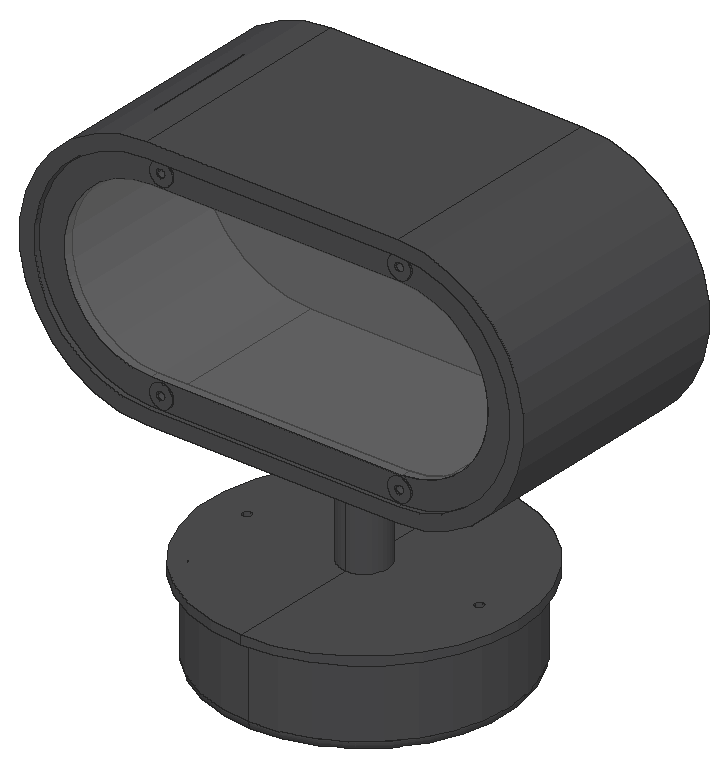
Revit family "Lighting_Wall-Mounted_Zero_Pathfinder", category Lighting Fixtures, host Face, Revit 2020
Family settings
  Host = Face
  Round Connector Dimension = Use Diameter
  Part Type = Normal
  OmniClass Number = 23.80.70.00
  OmniClass Title = Lighting
  Cut with Voids When Loaded = No
  Light Source = Yes
  Shared = No
  Room Calculation Point = No
Parameters (values of type "Pathfinder Wall - Black")
  Youtube clip = ""
  Weight Net (Kg) = "0"
  Wattage = 6.70518 W
  WarrantyStartDate [instance] = "n/a"
  WarrantyGuarantorParts = "n/a"
  WarrantyGuarantorLabor = "n/a"
  WarrantyDurationUnit = "Year"
  WarrantyDurationParts = "n/a"
  WarrantyDurationLabor = "n/a"
  WarrantyDescription = "n/a"
  built-in parameter 1150110 = 1 (stored number, unit not read)
  VersionDate = "31/08/2023"  # constant formula
  Version = "3"  # constant formula
  UsageCurrent = 0 A
  Uniformat II Description = ""
  Uniformat II Code = ""
  Uniclass2015Reference = "Pr_70_70_48_85"
  Uniclass2015Description = "Surface luminaires"
  Uniclass2 = "Pr_70_70_49"
  Uniclass 2015 Name = ""
  Uniclass 2015 Code = ""
  Uniclass 2.0 Description = ""
  Uniclass 2.0 Code = ""
  Uniclass 1.4 Description = ""
  Uniclass 1.4 Code = ""
  URL = "https://www.zerolighting.com/pathfinder-utomva"
  UNSPSC Code = ""
  TotalWattage = 17 W
  built-in parameter 1114217 = 1 (stored number, unit not read)
  Tilt Angle = 0.00°
  built-in parameter 1150109 = 1 (stored number, unit not read)
  built-in parameter 1150134 = 3
  Technical description = ""
  TagNumber [instance] = "n/a"
  SustainabilityPerformance = "n/a"
  built-in parameter 1150113 = 1 (stored number, unit not read)
  Size = "175x164x107 mm"
  Shape = "Sculptured"
  SerialNumber [instance] = "n/a"
  Revision = "2"  # constant formula
  ReplacementCost = "n/a"
  Region South America = "All"
  Region Oceania = "All"
  Region North America = "All"
  Region Middle East = "All"
  Region Europe = "All"
  Region Asia = "All"
  Region Antarctica = "All"
  Region Africa = "All"
  ProductInformation = "An easy to place, sculptural family of fixtures designed to illuminate thoroughfares, pathways, facades and areas under roofs. The neat scale and moderate presentation is inspired by signposts of olden times and Pathfinder creates direction and defines place in a very effective manner.  IP65 With inbuilt LED module."
  ProductDatasheet = "https://static1.squarespace.com/static/5943d7dcc534a5f4dd214abc/t/5d52b9f4dccb9a0001a9895a/1565702661989/Pathfinder-ceiling-wall.pdf"
  Product group = ""
  Product family = ""
  Product certification = ""
  Product SKU = "Pathfinder-Wall"
  Product Guid = "04018a5f-ace4-40cd-b777-29fb8cb27f12"
  Photometric Web File = "Pathfinder130021-3000K.IES"
  PhaseReference = "n/a"
  PhaseAngle = 0.00°
  OmniClass Description = ""
  OmniClass Code = ""
  NumberOfSources = 0
  NumberOfPoles = 1
  Nominal_Width = 164 mm
  Nominal_Radius = 0 mm
  Nominal_Length = 175 mm
  Nominal_Height = 100 mm
  Nominal_Diameter = 0 mm
  NominalVoltageCalc = 0 V
  NominalVoltage = 230 V
  NominalFrequencyRange = 50 Hz
  NominalCurrent = 0 A
  Nominal width = 0 mm
  Nominal height = 0 mm
  Name = "Zero_Pathfinder"  # constant formula
  NBSReference = "90-60-50/405"
  NBSDescription = "General purpose luminaires"
  NBS Reference Description = ""
  NBS Reference Code = ""
  ModelReference = ArticleNumber  # "13002106-30"
  ModelNumber = "n/a"
  Model = "Pathfinder Wall - Black"
  Material secondary = ""
  Material main = ""
  Material = "Metal & plastic"
  Masterformat 2014 Description = ""
  Masterformat 2014 Code = ""
  ManufacturersSpecificInformation = "n/a"
  ManufacturerURL = "https://www.zerolighting.com/"
  ManufacturerName = "Zero"
  Manufacturer name = "ZERO"
  Manufacturer country = ""
  Manufacturer = "Zero"
  MaintenanceFactor = 0
  built-in parameter 1150105 = 79.259 (stored number, unit not read)
  Lumens = 996 lm
  built-in parameter 1150115 = 1 (stored number, unit not read)
  LightFixturePlacingType = "Wall"
  LightFixtureMountingType = "Surface"
  LightFixtureMainMaterial = Black 9005 RAL
  built-in parameter 1150137 = (empty or 0)
  built-in parameter 1150139 = (empty or 0)
  LensMaterial = Microprisma
  built-in parameter 1150112 = 1 (stored number, unit not read)
  built-in parameter 1150114 = 1 (stored number, unit not read)
  InsulationStandardClass = "n/a"
  InstallationDate [instance] = "n/a"
  Installation instructions = ""
  built-in parameter 1150132 = 2
  built-in parameter 1150102 = (empty or 0)
  built-in parameter 1150107 = 3200 (stored number, unit not read)
  built-in parameter 1150138 = (empty or 0)
  built-in parameter 1150106 = 0.79259 (stored number, unit not read)
  IfcExportType = "NOTDEFINED"  # constant formula
  IfcExportAs = "IfcLightFixtureType"  # constant formula
  IP_Code = "IP65"
  IFC Classification = ""
  HasProtectiveEarth = no
  Grade = "n/a"
  GTIN code = ""
  Finish = "Painted casted aluminum. Grey RAL 9006, black RAL 9005. Diffuser in microprisma."
  Features = "On/off model possible with double conduit entry- Terminal block 3x2,5mm2."
  ExpectedLife = "n/a"
  ElectricalDeviceNominalPower = 17
  built-in parameter 1150104 = 13.8 (stored number, unit not read)
  Edition number = 1
  DurationUnit = "Year"
  Dimming Lamp Color Temperature Shift = <None>
  Dimming = "n/a"
  Designer = "Kauppi & Kauppi"
  Design country = ""
  Default Elevation = 0 mm
  Date of publishing = ""
  Constituents = "n/a"
  Color Filter = 16777215
  Color = "Black"
  Collection = "Pathfinder"
  CodePerformance = "n/a"
  Category = "Wall Fixtures"
  COBIe Type Category = ""
  Brand url = "http://www.zero.se"
  Brand = "Zero"
  Barcode [instance] = "n/a"
  built-in parameter 1114218 = 1 (stored number, unit not read)
  BIMObjectName = "Lighting_Wall-Mounted_Zero_Pathfinder"  # constant formula
  Author = "BIMstone"  # constant formula
  built-in parameter 1150133 = 10 (stored number, unit not read)
  AssetType = "Fixed"
  AssetIdentifier [instance] = "n/a"
  Assembly Code = "An easy to place, sculptural family of fixtures designed to illuminate thoroughfares, pathways, facades and areas under roofs. The neat scale and moderate presentation is inspired by signposts of olden times and Pathfinder creates direction and defines place in a very effective manner.  IP65 With inbuilt LED module."
  ArticleNumber = "13002106-30"
  AccessibilityPerformance = "n/a"
Types (4, lengths in mm): name | ModelReference | Model | LightFixtureMainMaterial | Dimming | Color | ArticleNumber
  Pathfinder Wall - Black | "13002106-30" | "Pathfinder Wall - Black" | Black 9005 RAL | "n/a" | "Black" | "13002106-30"
  Pathfinder Wall - Grey | "13002110-30" | "Pathfinder Wall - Grey" | Grey RAL 9006 | "n/a" | "Grey" | "13002110-30"
  Pathfinder Wall DALI - Grey | "13002110D30" | "Pathfinder Wall DALI - Grey" | Grey RAL 9006 | "Dimmable DALI" | "Grey" | "13002110D30"
  Pathfinder Wall DALI - Black | "13002106D30" | "Pathfinder Wall DALI - Black" | Black 9005 RAL | "Dimmable DALI" | "Black" | "13002106D30"
Reference planes
  plane 1 "Center (Front/Back)": y = 0
  plane 2: z = 0
  plane 3 "Center (Left/Right)": x = 0
Dimensions and locks
  aligned and locked: plane 2 to host face
  aligned and locked: level to host face
  aligned and locked: plane 1 "Center (Front/Back)" to nested 1
  aligned and locked: plane 3 "Center (Left/Right)" to nested 1
Nested families
  nested 1: "Pathfinder-wall2" at (0, 0, 0), MainMaterial <- "LightFixtureMainMaterial", SecondaryMaterial <- "LensMaterial", type "Pathfinder-wall2"
    with SecondaryMaterial Microprisma, MainMaterial Black 9005 RAL
Connectors
  electrical at (0, 0, 0), driven by "NominalVoltage"
    settings: on host face, index 1, voltage 230 V, apparent load 0 VA, apparent load phase1 0 VA, apparent load phase2 0 VA, apparent load phase3 0 VA, power factor 1, load classification "Other", number of poles 1, system type 30, power factor state 1, is connector primary yes, connector utility no, sub classification motor no, connector description ""
Definition of nested family "Pathfinder-wall2"
  Parameters (values of type "Pathfinder-wall2")
    SecondaryMaterial [instance] = none
    MainMaterial [instance] = none
    Default Elevation = 0 mm
  Reference planes
    plane 1 "Center (Front/Back)": y = 0
    plane 2: z = 0
    plane 3 "Center (Left/Right)": x = 0
    plane 4: x = -87.5
    plane 5: x = 87.5
    plane 6: y = -53.507
    plane 7: y = 53.507
  Forms (mm)
    Extrusion 1, solid, material <- "MainMaterial", detail levels medium+fine
      sketch origin (1.5, -1308, 120.098) x (1, 0, 0) y (0, 0, -1)
        loop
          line (-45, -44) -> (42, -44)
          arc (42, -44) -> (86, 0) -> (42, 44) r 44
          line (42, 44) -> (-45, 44)
          arc (-45, 44) -> (-89, 0) -> (-45, -44) r 44
      from 1268 to 1348
    Extrusion 2, void
      sketch origin (-85.5, -1308, 120.098) x (1, 0, 0) y (0, 0, -1)
        loop
          line (129, 39) -> (42, 39)
          arc (42, 39) -> (3, 0) -> (42, -39) r 39
          line (42, -39) -> (129, -39)
          arc (129, -39) -> (168, 0) -> (129, 39) r 39
      from 1183.175 to 1339
    Extrusion 3, solid, material <- "MainMaterial", detail levels medium+fine
      sketch origin (1.5, -1308, 120.098) x (1, 0, 0) y (0, 0, -1)
        loop
          line (42, 39) -> (-45, 39)
          arc (-45, 39) -> (-84, 0) -> (-45, -39) r 39
          line (-45, -39) -> (42, -39)
          arc (42, -39) -> (81, 0) -> (42, 39) r 39
        loop
          arc (-45, 30) -> (-75, 0) -> (-45, -30) r 30
          line (-45, -30) -> (42, -30)
          arc (42, -30) -> (72, 0) -> (42, 30) r 30
          line (42, 30) -> (-45, 30)
        loop
          circle (-41.312, 34.52) r 1.5
        loop
          circle (41.312, 34.52) r 1.5
        loop
          circle (-41.312, -34.52) r 1.5
        loop
          circle (41.312, -34.52) r 1.5
      from 1270 to 1273
    Extrusion 4, solid, material <- "SecondaryMaterial", detail levels medium+fine
      sketch origin (1.5, -1308, 120.098) x (1, 0, 0) y (0, 0, -1)
        loop
          arc (-45, 30) -> (-75, 0) -> (-45, -30) r 30
          line (-45, -30) -> (42, -30)
          arc (42, -30) -> (72, 0) -> (42, 30) r 30
          line (42, 30) -> (-45, 30)
      from 1270 to 1273
    Extrusion 5, solid, material <- "MainMaterial", detail levels medium+fine
      sketch origin (1.5, -40, 120.098) x (1, 0, 0) y (0, 0, -1)
        loop
          circle (-41.312, 34.52) r 4
        loop
          circle (-41.312, 34.52) r 1.5
        loop
          circle (41.312, 34.52) r 4
        loop
          circle (41.312, 34.52) r 1.5
        loop
          circle (-41.312, -34.52) r 4
        loop
          circle (-41.312, -34.52) r 1.5
        loop
          circle (41.312, -34.52) r 4
        loop
          circle (41.312, -34.52) r 1.5
      from 1.7 to 5
    Extrusion 6, void
      sketch origin (1.5, -40, 120.098) x (1, 0, 0) y (0, 0, -1)
        loop
          arc (-45, 39) -> (-84, 0) -> (-45, -39) r 39
          line (-45, -39) -> (42, -39)
          arc (42, -39) -> (81, 0) -> (42, 39) r 39
          line (42, 39) -> (-45, 39)
        loop
          arc (-45, 38.5) -> (-83.5, 0) -> (-45, -38.5) r 38.5
          line (-45, -38.5) -> (42, -38.5)
          arc (42, -38.5) -> (80.5, 0) -> (42, 38.5) r 38.5
          line (42, 38.5) -> (-45, 38.5)
      from 76 to 250
    Revolve 7, solid, material <- "MainMaterial", detail levels medium+fine
      sketch origin (0, -37.996, 2.082) x (0, 1, 0) y (0, 0, 1)
        loop
          line (46.004, 75.078) -> (37.996, 75.078) -> (37.996, 71.918) -> (44.224, 71.918) -> (44.224, 26.918) -> (86.004, 26.918) -> (86.004, -0.082) -> (37.996, -0.082) -> (37.996, -2.082) -> (84.504, -2.082)
          arc (84.504, -2.082) -> (86.979, -1.057) -> (88.004, 1.418) r 3.5
          line (88.004, 1.418) -> (88.004, 26.918) -> (91.504, 26.918) -> (91.504, 29.918) -> (46.004, 29.918) -> (46.004, 75.078)
        axis (37.996, 75.078) -> (37.996, -2.082)
      angle from 0 to 360
    Extrusion 8, solid, material <- "MainMaterial", detail levels coarse
      sketch origin (0, -40, 81.996) x (1, 0, 0) y (0, 0, -1)
        loop
          line (-87.5, 81.996) -> (-87.5, -81.996) -> (87.5, -81.996) -> (87.5, 81.996) -> (-87.5, 81.996)
      from -13.507 to 93.507
    Extrusion 9, void
      sketch origin (0, 0, 0) x (1, 0, 0) y (0, 1, 0)
        loop
          circle (-15.488, 25.846) r 9
        loop
          circle (-25.223, -0.727) r 4
        loop
          circle (15.488, 25.846) r 9
        loop
          circle (25.223, -0.727) r 4
      from -48.88 to 6.822
    Extrusion 10, void
      sketch origin (0, 0, 0) x (1, 0, 0) y (0, 1, 0)
        loop
          circle (-40.182, -0.386) r 1.5
        loop
          circle (40.182, -0.386) r 1.5
      from 14.438 to 37.32
  Cuts and joins
    Extrusion 2, Extrusion 6 cuts Extrusion 1
    Extrusion 9, Extrusion 10 cuts Revolve 7
    joined: Extrusion 1, Revolve 7
    joined: Extrusion 3, Extrusion 5
  Lines and regions (mm)
    symbolic lines, detail levels medium+fine
      curve 1: line (0, 40.004, 76.001) -> (0, 40.001, 164.001)
      curve 2: line (0, -39.996, 75.999) -> (0, -8.003, 76)
      curve 3: line (0, 40.001, 164.001) -> (0, -39.999, 163.999)
      curve 4: line (0, -39.999, 163.999) -> (0, -39.996, 75.999)
      curve 5: line (0, -8.002, 32) -> (0, -8.003, 76)
      curve 6: line (0, 8.013, 32) -> (0, 8.011, 76)
      curve 7: line (0, -8.002, 32) -> (0, -53.502, 31.998)
      curve 8: line (0, -53.502, 31.998) -> (0, -53.502, 28.998)
      curve 9: line (0, -53.502, 28.998) -> (0, -50.002, 28.998)
      curve 10: line (0, -50.002, 28.998) -> (0, -50.001, 3.498)
      curve 11: line (0, 46.514, 0.002) -> (0, -46.501, -0.002)
      curve 12: arc (0, -46.501, -0.002) -> (0, -48.976, 1.023) -> (0, -50.001, 3.498) r 3.5
      curve 13: line (0, 50.013, 29.002) -> (0, 50.014, 3.502)
      curve 14: arc (0, 50.014, 3.502) -> (0, 48.989, 1.027) -> (0, 46.514, 0.002) r 3.5
      curve 15: line (0, 8.013, 32) -> (0, 53.513, 32.002)
      curve 16: line (0, 53.513, 32.002) -> (0, 53.513, 29.002)
      curve 17: line (0, 53.513, 29.002) -> (0, 50.013, 29.002)
      curve 20: line (0, 8.011, 76) -> (0, 40.004, 76.001)
      curve 22: line (-87.5, -40, 0) -> (-35.539, -40, 0)
      curve 23: line (-87.5, 40, 0) -> (-87.5, -40, 0)
      curve 24: line (87.5, 40, 0) -> (35.539, 40, 0)
      curve 25: line (87.5, -40, 0) -> (87.5, 40, 0)
      curve 26: arc (0, 53.507, 0) -> (-19.01, 50.017, 0) -> (-35.539, 40, 0) r 53.507
      curve 27: arc (0, -53.507, 0) -> (19.01, -50.017, 0) -> (35.539, -40, 0) r 53.507
      curve 28: arc (-35.539, -40, 0) -> (-19.01, -50.017, 0) -> (0, -53.507, 0) r 53.507
      curve 29: arc (35.539, 40, 0) -> (19.01, 50.017, 0) -> (0, 53.507, 0) r 53.507
      curve 30: line (-35.539, 40, 0) -> (-87.5, 40, 0)
      curve 32: line (35.539, -40, 0) -> (87.5, -40, 0)
      curve 34: arc (-43.5, 0, 76.098) -> (-87.5, 0, 120.098) -> (-43.5, 0, 164.098) r 44
      curve 35: line (43.5, 0, 164.098) -> (-43.5, 0, 164.098)
      curve 36: arc (43.5, 0, 164.098) -> (87.5, 0, 120.098) -> (43.5, 0, 76.098) r 44
      curve 37: line (-43.5, 0, 76.098) -> (-8, 0, 76.098)
      curve 39: line (53.507, 0, 32) -> (8, 0, 32)
      curve 40: line (53.507, 0, 29) -> (50.035, 0, 29)
      curve 42: line (-53.507, 0, 32) -> (-53.507, 0, 29)
      curve 43: line (53.507, 0, 29) -> (53.507, 0, 32)
      curve 44: line (-8, 0, 32) -> (-8, 0, 76.098)
      curve 45: line (8, 0, 32) -> (8, 0, 76.098)
      curve 47: line (8, 0, 76.098) -> (43.5, 0, 76.098)
      curve 48: line (-50.035, 0, 29) -> (-50.035, 0, 4)
      curve 49: line (0, 0, 0) -> (-46.035, 0, 0)
      curve 50: arc (-50.035, 0, 4) -> (-48.864, 0, 1.172) -> (-46.035, 0, 0) r 4
      curve 51: line (50.035, 0, 29) -> (50.035, 0, 4)
      curve 52: line (0, 0, 0) -> (46.035, 0, 0)
      curve 53: arc (50.035, 0, 4) -> (48.864, 0, 1.172) -> (46.035, 0, 0) r 4
      curve 54: line (-50.035, 0, 29) -> (-53.507, 0, 29)
      curve 56: line (-8, 0, 32) -> (-53.507, 0, 32)
    symbolic lines, detail levels fine
      curve 18: line (0, 50.013, 29.002) -> (0, -50.002, 28.998)
      curve 19: line (0, -8.002, 32) -> (0, 8.013, 32)
      curve 21: line (0, -8.003, 76) -> (0, 8.011, 76)
      curve 31: line (35.539, 40, 0) -> (-35.539, 40, 0)
      curve 33: line (-35.539, -40, 0) -> (35.539, -40, 0)
      curve 38: line (0, 0, 32) -> (-8, 0, 32)
      curve 41: line (0, 0, 29) -> (-50.035, 0, 29)
      curve 46: line (-8, 0, 76.098) -> (8, 0, 76.098)
      curve 55: line (50.035, 0, 29) -> (0, 0, 29)
      curve 57: line (8, 0, 32) -> (0, 0, 32)
      curve 58: arc (-43.5, 0, 81.098) -> (-82.5, 0, 120.098) -> (-43.5, 0, 159.098) r 39
      curve 59: line (43.5, 0, 159.098) -> (-43.5, 0, 159.098)
      curve 60: arc (43.5, 0, 159.098) -> (82.5, 0, 120.098) -> (43.5, 0, 81.098) r 39
      curve 61: line (-43.5, 0, 81.098) -> (43.5, 0, 81.098)
      curve 62: arc (-43.5, 0, 81.598) -> (-82, 0, 120.098) -> (-43.5, 0, 158.598) r 38.5
      curve 63: line (43.5, 0, 158.598) -> (-43.5, 0, 158.598)
      curve 64: arc (43.5, 0, 158.598) -> (82, 0, 120.098) -> (43.5, 0, 81.598) r 38.5
      curve 65: line (-43.5, 0, 81.598) -> (43.5, 0, 81.598)
  Dimensions and locks
    aligned and locked: level to plane 2
